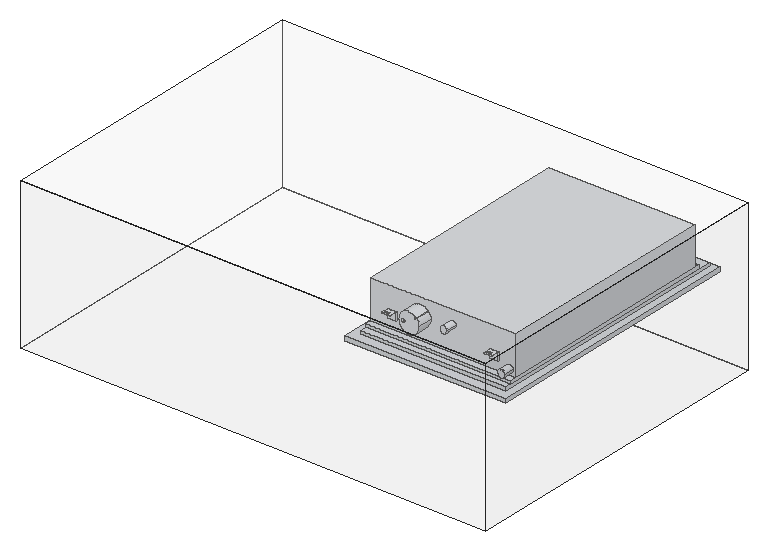
Revit family "pmfy-p36_80fmg7_50Hz", category 機械設備, Revit 2019
Family settings
  丸型コネクタ寸法 = 直径を使用
  パーツ タイプ = 標準
  OmniClass 番号 = 23.75.10.24.21.27.27
  OmniClass タイトル = Split System Air Conditioning Units
  作業面ベース = いいえ
  常に垂直 = はい
  ロード時にボイドで切り取り = いいえ
  共有 = いいえ
  部屋計算ポイント = はい
Parameters (values of type "天井1方向_PMFY-P45FMG7")
  風量（静）（m3／min） = 11
  風量（強）（m3／min） = 15
  風量（弱）（m3／min） = 12
  風量（中）（m3／min） = 14
  風量 = MAX風量  # 900.0 m³/h
  音響パワーレベル（弱）(dB) = 47
  音響パワーレベル（中2）(dB) = 50
  音響パワーレベル（中1）(dB) = 52
  音響パワーレベル(dB) = 54
  電源種別 = ""
  電源_H = 60 mm
  電圧_電気ヒーター = 0 V
  電圧 = 200 V
  電動機出力_送風機 = 0.09 kW
  運転質量 = 0.00 kg
  連動 = ""
  質量 = if(製品質量 > 運転質量, 製品質量, 運転質量) * 1.2  # 39.00 kg
  負荷分類 = 3_ファン類
  構成品番 = "PMFY-P45FMG"
  ドレン管径 (外径) = 32 mm
  ドレン管径 = 25 mm
  サービススペース = yes
  URL = "https://www.mitsubishielectric.co.jp/ldg/wink/ssl/displayProduct.do?pid=305435"
  説明 = "店舗・事務所用パッケージエアコン(Mr.SLIM) [本体]1方向天井カセット形"
  設計暖房能力 = 0.00 kW
  設計冷房能力_顕熱 = 0 kW
  設計冷房能力 = 0 kW
  設置方法 = "カセット形"
  記号 = ""
  製造元 = "三菱電機株式会社"
  製品質量 = 32.50 kg
  製品出荷対象 = "国内"
  製品リリース年月 = "2021/5/10"
  製品グループ = ""
  系統 = ""
  符号 = "PAC-CK1"
  積算_科目 = "1 空気調和設備"
  積算_拾い区分 [instance] = ""
  相 = 1
  盤記号 = ""
  発停方法 = "付属スイッチ"
  特殊仕様 = ""
  火災停止 = ""
  消費電力_電気ヒーター = 0.00 kW
  消費電力_暖房 = 0.06 kW
  消費電力_加湿器 = 0.00 kW
  消費電力_冷房 = 0.07 kW
  消費電力 = if(消費電力_冷房 > 消費電力_暖房, 消費電力_冷房, 消費電力_暖房) + 消費電力_加湿器 + 消費電力_電気ヒーター  # 0.07 kW
  法定耐用年数 = "6"
  極数 = 1
  材質 = ""
  本体マテリアル = none
  有効加湿量 = 0
  暖房能力 = 5.00 kW
  推奨ブレーカー容量 = 0 A
  形式_加湿器 = ""
  形式 = "1方向天井カセット形"
  幹線記号 = ""
  始動方式 = "直入"
  呼称 = "パッケージ形空気調和機_室内機"
  周波数 = 50 Hz
  吊り位置Y = 1173 mm
  吊り位置X = 510 mm
  吊りボルト_H = 117 mm
  台数_手元リモコン = ""
  台数_冷媒分岐ユニット = ""
  参照している仕様書等のバージョン = "公共建築工事標準仕様書（機械設備工事編）平成31年度版"
  加湿給水管径 = 0 mm
  分類コード = "50053003123030"
  分類グループ = ""
  冷房能力 = 4.5 kW
  冷媒高低圧ガス管径 = 0 mm
  冷媒管径符号 = "Ac"
  冷媒管径 = 100 mm
  冷媒液管高さ = 171 mm
  冷媒液管長さ = 72 mm
  冷媒液管径 = 6.4 mm
  冷媒ガス管高さ = 141 mm
  冷媒ガス管長さ = 72 mm
  冷媒ガス管径 = 12.7 mm
  企業コード = "108420"
  付属品_フィルター = ""
  付属品 = ""
  仕様書バージョン = "Version1.0"
  Model = ""
  パネルマテリアル = none
  ドレン管高さ = 159 mm
  コメント [instance] = ""
  ケーブル種類 = ""
  ケーブルサイズ = 0 mm
  Width = 724 mm
  Version = ""
  Uniclass2015Version = "Systems v1.9"
  Uniclass2015Title = "Split coil remote air cooled condensing units"
  Uniclass2015Code = "Pr_70_65_03_84"
  SpecificationReference = ""
  SpecificationDescription = ""
  S_H = 230 mm
  Revision = ""
  ProductInformation = ""
  Panel Width = 800 mm
  Panel Height = 20 mm
  Panel Depth = 1340 mm
  OmniClassCode = "23-33 17 13 11"
  MIN風量 = 風量（静）（m3／min） * 60.0 m³/h  # 660.0 m³/h
  MID風量2 = 風量（弱）（m3／min） * 60.0 m³/h  # 720.0 m³/h
  MID風量 = 風量（中）（m3／min） * 60.0 m³/h  # 840.0 m³/h
  MAX風量 = 風量（強）（m3／min） * 60.0 m³/h  # 900.0 m³/h
  IfcTypeProduct = ""
  IfcProduct = ""
  IfcExportType = "AIRCONDITIONINGUNIT"
  IfcExportAs = "IfcUnitaryEquipmentType"
  Height = 225 mm
  Depth = 1112 mm
  価格 = 0
  Clearance Top = 230 mm
  Clearance Right = 20 mm
  Clearance Left = 1500 mm
  Clearance Front = 150 mm
  Clearance Bottom = 500 mm
  Clearance Back = 150 mm
  Author = "三菱電機株式会社"
Types (5, lengths in mm): name | 風量（静）（m3／min） | 風量（強）（m3／min） | 風量（弱）（m3／min） | 風量（中）（m3／min） | 風量 | 音響パワーレベル（弱）(dB) | 音響パワーレベル（中2）(dB) | 音響パワーレベル（中1）(dB) | 音響パワーレベル(dB) | 電源_H | 電動機出力_送風機 | 質量 | 構成品番 | URL | 製品質量 | 消費電力_暖房 | 消費電力_冷房 | 消費電力 | 暖房能力 | 冷房能力 | 冷媒管径符号 | 冷媒液管径 | 冷媒ガス管径 | MIN風量 | MID風量2 | MID風量 | MAX風量
  天井1方向_PMFY-P36FMG7 | 11 | 14 | 12 | 13 | 840.0 m³/h | 47 | 49 | 51 | 53 | 60 | 0.09 kW | 39.00 kg | "PMFY-RP36FMG" | "https://www.mitsubishielectric.co.jp/ldg/wink/ssl/displayProduct.do?pid=305434" | 32.50 kg | 0.06 kW | 0.07 kW | 0.07 kW | 4.00 kW | 3.6 kW | "Ac" | 6.4 | 12.7 | 660.0 m³/h | 720.0 m³/h | 780.0 m³/h | 840.0 m³/h
  天井1方向_PMFY-P45FMG7 | 11 | 15 | 12 | 14 | 900.0 m³/h | 47 | 50 | 52 | 54 | 60 | 0.09 kW | 39.00 kg | "PMFY-P45FMG" | "https://www.mitsubishielectric.co.jp/ldg/wink/ssl/displayProduct.do?pid=305435" | 32.50 kg | 0.06 kW | 0.07 kW | 0.07 kW | 5.00 kW | 4.5 kW | "Ac" | 6.4 | 12.7 | 660.0 m³/h | 720.0 m³/h | 840.0 m³/h | 900.0 m³/h
  天井1方向_PMFY-P56FMG7 | 11 | 16 | 12 | 14 | 960.0 m³/h | 48 | 50 | 52 | 55 | 60 | 0.09 kW | 39.00 kg | "PMFY-P56FMG" | "https://www.mitsubishielectric.co.jp/ldg/wink/ssl/displayProduct.do?pid=305436" | 32.50 kg | 0.07 kW | 0.08 kW | 0.08 kW | 6.30 kW | 5.6 kW | "Ac" | 6.4 | 12.7 | 660.0 m³/h | 720.0 m³/h | 840.0 m³/h | 960.0 m³/h
  天井1方向_PMFY-P71FMG7 | 14 | 19 | 16 | 17 | 1140.0 m³/h | 51 | 53 | 54 | 56 | 60 | 0.095 kW | 40.20 kg | "PMFY-P71FMG" | "https://www.mitsubishielectric.co.jp/ldg/wink/ssl/displayProduct.do?pid=305437" | 33.50 kg | 0.09 kW | 0.10 kW | 0.10 kW | 8.00 kW | 7.1 kW | "Bd" | 9.5 | 15.9 | 840.0 m³/h | 960.0 m³/h | 1020.0 m³/h | 1140.0 m³/h
  天井1方向_PMFY-P80FMG7 | 14 | 20 | 16 | 18 | 1200.0 m³/h | 51 | 53 | 55 | 58 | 0 | 0.095 kW | 40.20 kg | "PMFY-P80FMG" | "https://www.mitsubishielectric.co.jp/ldg/wink/ssl/displayProduct.do?pid=305438" | 33.50 kg | 0.09 kW | 0.10 kW | 0.10 kW | 9.00 kW | 8 kW | "Bd" | 9.5 | 15.9 | 840.0 m³/h | 960.0 m³/h | 1080.0 m³/h | 1200.0 m³/h
Reference planes
  plane 1 "中心(正面/背面)": y = 0
  plane 2: z = 0
  plane 3 "中心(左/右)": x = 0
  plane 4: x = -400
  plane 5: x = 400
  plane 6: y = 670
  plane 7: y = -670
  plane 8: z = 225
  plane 9: z = 230
  plane 10: x = -255
  plane 11: x = 255
  plane 12: y = 586.5
  plane 13: y = -586.5
  plane 14: y = 556
  plane 15: y = -556
  plane 16: x = -362
  plane 17: x = 362
  plane 18: x = -1900
  plane 19: x = 420
  plane 20: y = 820
  plane 21: y = -820
  plane 22: z = 230
  plane 23: z = -20
  plane 24: z = -520
Dimensions and locks
  equal spacing: plane 4, plane 3 "中心(左/右)", plane 5
  plane 4 to plane 5 = 800 mm
  equal spacing: plane 7, plane 1 "中心(正面/背面)", plane 6
  plane 4 to plane 10 = 145 mm
  plane 11 to plane 5 = 145 mm
  "S_H": plane 9 to level
  "吊り位置X": plane 10 to plane 11
  equal spacing: plane 10, plane 3 "中心(左/右)", plane 11
  equal spacing: plane 13, plane 1 "中心(正面/背面)", plane 12
  "吊り位置Y": plane 13 to plane 12
  equal spacing: plane 15, plane 1 "中心(正面/背面)", plane 14
  "Depth": plane 15 to plane 14
  equal spacing: plane 16, plane 3 "中心(左/右)", plane 17
  "Width": plane 16 to plane 17
  "Clearance Left": plane 18 to plane 4
  "Clearance Right": plane 5 to plane 19
  "Clearance Back": plane 6 to plane 20
  "Clearance Front": plane 21 to plane 7
  locked: level to plane 23 at 20
  "Clearance Bottom": plane 23 to plane 24
  "Clearance Top": plane 22 to level
  plane 12 to plane 6 = 83.5 mm
  plane 7 to plane 13 = 83.5 mm
  plane 7 to plane 6 = 1340 mm
  "Height": plane 8 to level
  nested 3 to plane 2 = 117 mm
  aligned and locked: level to plane 2
  aligned and locked: plane 10 to nested 2
  aligned and locked: plane 11 to nested 2
  aligned and locked: nested 2 to plane 12
  aligned and locked: plane 13 to nested 2
  aligned and locked: plane 18 to nested 1
  aligned and locked: plane 19 to nested 1
  aligned and locked: nested 1 to plane 21
  aligned and locked: nested 1 to plane 20
  aligned and locked: plane 22 to nested 1
  aligned and locked: plane 24 to nested 1
  aligned and locked: plane 1 "中心(正面/背面)" to nested 3
  aligned and locked: nested 3 to plane 3 "中心(左/右)"
Nested families
  nested 1: "サービススペース" at (-740, 0, -145), visible <- "サービススペース", type "サービススペース"
    with Width 2320 mm, Height 750 mm, Depth 1640 mm
  nested 2: "固定点" at (-255, -586.5, 0), type "固定点"
    with W 510 mm, D 1173 mm
  nested 3: "PM-RP○○FA17" at (0, 0, 0) x (0, -1, 0) z (0, 0, 1), type "PM-RP○○FA17"
    with ユニット表示 yes, 冷媒液管径-Z 171 mm, 冷媒ガス管径-Z 141 mm, ドレン配管サイズ 32 mm
Connectors
  piping at (47, -613, 159), diameter 25, driven by "ドレン管径"
    settings: on nested 3, index 1, connector inside diameter 609.6 mm, connector length 0 mm, flow factor 0, pipe flow 0.0 L/s, pressure drop 0.0 Pa, fitting loss kfactor 0, connector angle 0.00°, fixture units 0, engagement length 0 mm, angle of deflection 0.00°, flow configuration 1, flow direction 2, fitting loss method 4, system type 16, joint type 0, gender type 0, connector reference index -1, connector utility 0, adjustable connector no, is connector primary yes, connector description ""
  piping at (-113, -628, 141), diameter 100, driven by "冷媒管径", driven by "冷媒管径符号"
    settings: on nested 3, index 2, connector inside diameter 609.6 mm, connector length 0 mm, flow factor 0, pipe flow 0.0 L/s, pressure drop 0.0 Pa, fitting loss kfactor 0, connector angle 0.00°, fixture units 0, engagement length 0 mm, angle of deflection 0.00°, flow configuration 1, flow direction 1, fitting loss method 4, system type 7, joint type 0, gender type 0, connector reference index -1, connector utility 0, adjustable connector no, is connector primary no, connector description "Ac"
  electrical at (330, -606, 60), driven by "極数", driven by "負荷分類", driven by "電圧", driven by "消費電力"
    settings: on nested 3, index 3, voltage 200 V, apparent load 70 VA, apparent load phase1 0 VA, apparent load phase2 0 VA, apparent load phase3 0 VA, power factor 1, load classification "3_ファン類", number of poles 1, system type 30, power factor state 1, is connector primary yes, connector utility no, sub classification motor no, connector description ""
Definition of nested family "サービススペース"
  Parameters (values of type "サービススペース")
    Width [instance] = 500 mm
    Height [instance] = 500 mm
    Depth [instance] = 500 mm
  Reference planes
    plane 1 "中心(正面/背面)": y = 0
    plane 2: z = 0
    plane 3 "中心(左/右)": x = 0
    plane 4: y = -250
    plane 5: x = 250
    plane 6: y = 250
    plane 7: x = -250
    plane 8: z = 250
    plane 9: z = -250
  Forms (mm)
    Extrusion 1, solid
      sketch origin (-638.939, 0, 72.39) x (1, 0, 0) y (0, 1, 0)
        loop
          line (388.939, 250) -> (388.939, -250) -> (888.939, -250) -> (888.939, 250) -> (388.939, 250)
      from -322.39 to 177.61
  Lines and regions (mm)
    symbolic lines
      curve 1: line (-250, 0, 250) -> (250, 0, 250)
      curve 2: line (-250, 0, -250) -> (-250, 0, 250)
      curve 3: line (250, 0, -250) -> (-250, 0, -250)
      curve 4: line (250, 0, 250) -> (250, 0, -250)
      curve 5: line (0, -250, 250) -> (0, 250, 250)
      curve 6: line (0, -250, -250) -> (0, -250, 250)
      curve 7: line (0, 250, -250) -> (0, -250, -250)
      curve 8: line (0, 250, 250) -> (0, 250, -250)
      curve 9: line (-250, 250, 0) -> (250, 250, 0)
      curve 10: line (-250, -250, 0) -> (-250, 250, 0)
      curve 11: line (250, -250, 0) -> (-250, -250, 0)
      curve 12: line (250, 250, 0) -> (250, -250, 0)
  Dimensions and locks
    equal spacing: plane 7, plane 3 "中心(左/右)", plane 5
    equal spacing: plane 4, plane 1 "中心(正面/背面)", plane 6
    "Depth": plane 4 to plane 6
    "Width": plane 7 to plane 5
    equal spacing: plane 8, plane 2, plane 9
    "Height": plane 8 to plane 9
    aligned and locked: plane 9 to curve 3
    aligned and locked: plane 7 to curve 2
    aligned and locked: curve 4 to plane 5
    aligned and locked: plane 5 to Extrusion 1
    aligned and locked: Extrusion 1 to plane 7
    aligned and locked: Extrusion 1 to plane 9
    aligned and locked: plane 8 to Extrusion 1
    aligned and locked: plane 9 to curve 7
  Automatic sketch dimensions
    plane 4 to Extrusion 1 sketch curve = 0 mm
    Extrusion 1 sketch curve to plane 7 = 0 mm
    Extrusion 1 sketch curve to plane 5 = 0 mm
    plane 6 to Extrusion 1 sketch curve = 0 mm
    curve 2 to plane 8 = 0 mm
    plane 4 to curve 11 = 0 mm
    curve 11 to plane 7 = 0 mm
    curve 11 to plane 5 = 0 mm
    plane 6 to curve 10 = 0 mm
    curve 7 to plane 4 = 0 mm
    curve 7 to plane 6 = 0 mm
    curve 6 to plane 8 = 0 mm
Definition of nested family "PM-RP○○FA17"
  Parameters (values of type "PM-RP○○FA17")
    配線取出口サイズ = 36 mm
    配線取出口-Z = 60 mm
    配線取出口-Y = 32 mm
    配線取出口-X = 50 mm
    液配管サイズ = 6.4 mm
    冷媒ガス管径-Z2 = 141 mm
    冷媒ガス管径-Z1 = 171 mm
    A = 幅さ + 228 mm  # 1340 mm
    高さ = 225 mm
    奥行き = 724 mm
    吊りボルト_H = 117 mm
    冷媒配管 = 100 mm
    冷媒液管径-Z = 156 mm
    冷媒液管径-Y = 445 mm
    冷媒液管径-X = 72 mm
    冷媒ガス管径-Z = 156 mm
    冷媒ガス管径-Y = 505 mm
    冷媒ガス管径-X = 72 mm
    ユニット表示 [instance] = yes
    ボルトピッチ = 510 mm
    ドレン配管サイズ = 25 mm
    ドレン管径-Z = 159 mm
    ドレン管径-Y = 315 mm
    ドレン管径-X = 57 mm
    ガス配管サイズ = 12.7 mm
    D = 幅さ + 61 mm  # 1173 mm
    幅さ = 1112 mm
    B = 幅さ + 188 mm  # 1300 mm
  Reference planes
    plane 1 "中心(正面/背面)": y = 0
    plane 2: z = 0
    plane 3 "中心(左/右)": x = 0
    plane 4: x = -670
    plane 5: x = 670
    plane 6: y = 400
    plane 7: y = -400
    plane 8: z = 225
    plane 9: z = -20
    plane 10: x = -556
    plane 11: x = 556
    plane 12: y = 362
    plane 13: y = -362
    plane 14: z = 16
    plane 15: x = -650
    plane 16: x = 650
    plane 17: x = 586.5
    plane 18: x = -586.5
    plane 19: z = 32
    plane 20: x = 620
    plane 21: y = 255
    plane 22: y = -255
    plane 23: x = 628
    plane 24: y = -143
    plane 25: z = 156
    plane 26: x = 628
    plane 27: y = -83
    plane 28: x = 613
    plane 29: y = 47
    plane 30: z = 159
    plane 31: x = 606
    plane 32: y = 330
    plane 33: z = 60
    plane 34: z = 117
    plane 35: z = 115
    plane 36: z = 75
    plane 37: y = 275
    plane 38: y = 235
    plane 39: y = -235
    plane 40: y = -275
    plane 41: y = 260
    plane 42: y = 250
    plane 43: y = -250
    plane 44: y = -260
    plane 45: x = -596
    plane 46: x = 596
    plane 47: x = -558
    plane 48: x = 558
    plane 49: z = 141
    plane 50: z = 171
  Forms (mm)
    Extrusion 1, solid, visible <- "ユニット表示", detail levels fine
      sketch origin (0, 0, 0) x (1, 0, 0) y (0, 1, 0)
        loop
          line (-556, 362) -> (-556, -362) -> (556, -362) -> (556, 362) -> (-556, 362)
      from 32 to 225
    Extrusion 2, solid, visible <- "ユニット表示", detail levels fine
      sketch origin (-1437.329, -1524, 16) x (-1, 0, 0) y (0, -1, 0)
        loop
          line (-850.829, -1886) -> (-850.829, -1162) -> (-2023.829, -1162) -> (-2023.829, -1886) -> (-850.829, -1886)
      from 0 to 16
    Extrusion 3, solid, visible <- "ユニット表示", detail levels fine
      sketch origin (-1437.329, -1524, 16) x (-1, 0, 0) y (0, -1, 0)
        loop
          line (-787.329, -1886) -> (-787.329, -1162) -> (-2057.329, -1162) -> (-2057.329, -1886) -> (-787.329, -1886)
      from 0 to -16
    Extrusion 4, solid, visible <- "ユニット表示", detail levels fine
      sketch origin (556, 1296.25, 1200) x (0, 1, 0) y (0, 0, 1)
        loop
          circle (-1439.25, -1059) r 6.35
      from 0 to 72
    Extrusion 5, solid, visible <- "ユニット表示", detail levels fine
      sketch origin (556, 1296.25, 1200) x (0, 1, 0) y (0, 0, 1)
        loop
          circle (-1379.25, -1029) r 3.2
      from 0 to 72
    Extrusion 6, solid, visible <- "ユニット表示", detail levels fine
      sketch origin (556, 1296.25, 1200) x (0, 1, 0) y (0, 0, 1)
        loop
          circle (-1249.25, -1041) r 12.5
      from 0 to 57
    Extrusion 7, solid, visible <- "ユニット表示", detail levels fine
      sketch origin (556, 1296.25, 1200) x (0, 1, 0) y (0, 0, 1)
        loop
          circle (-966.25, -1140) r 18
      from 0 to 50
    Extrusion 8, solid, visible <- "ユニット表示", detail levels fine
      sketch origin (556, 1306.25, 1200) x (0, 1, 0) y (0, 0, 1)
        loop
          circle (-1419.25, -1044) r 50
      from 0 to 72
    Extrusion 9, solid, visible <- "ユニット表示"
      sketch origin (0, 0, 0) x (1, 0, 0) y (0, 1, 0)
        loop
          line (-670, 400) -> (-670, -400) -> (670, -400) -> (670, 400) -> (-670, 400)
      from 0 to -20
    Extrusion 10, solid, visible <- "ユニット表示", detail levels fine
      sketch origin (0, 0, 0) x (1, 0, 0) y (0, 1, 0)
        loop
          line (-581.5, 260) -> (-581.5, 250)
          arc (-581.5, 250) -> (-586.5, 245) -> (-591.5, 250) r 5
          line (-591.5, 250) -> (-596, 250) -> (-596, 235) -> (-556, 235) -> (-556, 275) -> (-596, 275) -> (-596, 260) -> (-591.5, 260)
          arc (-591.5, 260) -> (-586.5, 265) -> (-581.5, 260) r 5
        loop
          arc (581.5, 260) -> (586.5, 265) -> (591.5, 260) r 5
          line (591.5, 260) -> (596, 260) -> (596, 275) -> (556, 275) -> (556, 235) -> (596, 235) -> (596, 250) -> (591.5, 250)
          arc (591.5, 250) -> (586.5, 245) -> (581.5, 250) r 5
          line (581.5, 250) -> (581.5, 260)
        loop
          line (581.5, -260) -> (581.5, -250)
          arc (581.5, -250) -> (586.5, -245) -> (591.5, -250) r 5
          line (591.5, -250) -> (596, -250) -> (596, -235) -> (556, -235) -> (556, -275) -> (596, -275) -> (596, -260) -> (591.5, -260)
          arc (591.5, -260) -> (586.5, -265) -> (581.5, -260) r 5
        loop
          arc (-581.5, -260) -> (-586.5, -265) -> (-591.5, -260) r 5
          line (-591.5, -260) -> (-596, -260) -> (-596, -275) -> (-556, -275) -> (-556, -235) -> (-596, -235) -> (-596, -250) -> (-591.5, -250)
          arc (-591.5, -250) -> (-586.5, -245) -> (-581.5, -250) r 5
          line (-581.5, -250) -> (-581.5, -260)
      from 115 to 117
    Extrusion 11, solid, visible <- "ユニット表示", detail levels fine
      sketch origin (0, 0, 0) x (1, 0, 0) y (0, 1, 0)
        loop
          line (-558, 275) -> (-558, 235) -> (-556, 235) -> (-556, 275) -> (-558, 275)
        loop
          line (556, 275) -> (556, 235) -> (558, 235) -> (558, 275) -> (556, 275)
        loop
          line (556, -235) -> (556, -275) -> (558, -275) -> (558, -235) -> (556, -235)
        loop
          line (-558, -235) -> (-558, -275) -> (-556, -275) -> (-556, -235) -> (-558, -235)
      from 75 to 115
  Dimensions and locks
    equal spacing: plane 7, plane 1 "中心(正面/背面)", plane 6
    plane 7 to plane 6 = 800 mm
    equal spacing: plane 4, plane 3 "中心(左/右)", plane 5
    "A": plane 4 to plane 5
    locked: level to plane 9 at 20
    equal spacing: plane 13, plane 1 "中心(正面/背面)", plane 12
    "奥行き": plane 13 to plane 12
    equal spacing: plane 10, plane 3 "中心(左/右)", plane 11
    "幅さ": plane 10 to plane 11
    locked: plane 14 to level at 16
    equal spacing: plane 15, plane 3 "中心(左/右)", plane 16
    "B": plane 15 to plane 16
    equal spacing: plane 18, plane 3 "中心(左/右)", plane 17
    "D": plane 18 to plane 17
    equal spacing: plane 22, plane 1 "中心(正面/背面)", plane 21
    "ボルトピッチ": plane 22 to plane 21
    "冷媒ガス管径-X": plane 11 to plane 23
    "冷媒ガス管径-Y": plane 24 to plane 12
    "冷媒液管径-X": plane 11 to plane 26
    "冷媒液管径-Y": plane 27 to plane 12
    "ドレン管径-X": plane 11 to plane 28
    "ドレン管径-Y": plane 29 to plane 12
    "配線取出口-X": plane 11 to plane 31
    "配線取出口-Y": plane 32 to plane 12
    "配線取出口-Z": plane 33 to level
    "ドレン管径-Z": plane 30 to level
    "冷媒ガス管径-Z": plane 25 to level
    locked: plane 35 to plane 36 at 40
    locked: plane 34 to plane 35 at 2
    "吊りボルト_H": plane 34 to level
    plane 40 to plane 22 to plane 39 = 20 mm locked, 20 mm locked
    plane 38 to plane 21 to plane 37 = 20 mm locked, 20 mm locked
    plane 44 to plane 22 to plane 43 = 5 mm locked, 5 mm locked
    plane 42 to plane 21 to plane 41 = 5 mm locked, 5 mm locked
    locked: plane 45 to plane 10 at 40
    locked: plane 11 to plane 46 at 40
    locked: plane 11 to plane 48 at 2
    locked: plane 47 to plane 10 at 2
    plane 16 to plane 15 = 1300 mm
    plane 4 to plane 15 = 20 mm
    plane 15 to plane 10 = 94 mm
    plane 11 to plane 16 = 94 mm
    plane 12 to plane 6 = 38 mm
    locked: plane 19 to plane 14 at 16
    "高さ": plane 8 to level
    equal spacing: plane 24, Extrusion 8 sketch curve, plane 27
    plane 7 to plane 13 = 38 mm
    plane 16 to plane 5 = 20 mm
    "冷媒ガス管径-Z2": plane 49 to level
    "冷媒ガス管径-Z1": plane 50 to level
    "ガス配管サイズ": diameter of Extrusion 4 sketch curve
    "液配管サイズ": diameter of Extrusion 5 sketch curve
    "配線取出口サイズ": diameter of Extrusion 7 sketch curve
    "冷媒配管": diameter of Extrusion 8 sketch curve
    "ドレン配管サイズ": diameter of Extrusion 6 sketch curve
    aligned and locked: level to plane 2
    aligned and locked: plane 12 to Extrusion 1 sketch curve
    aligned and locked: plane 10 to Extrusion 1 sketch curve
    aligned and locked: Extrusion 1 sketch curve to plane 13
    aligned and locked: Extrusion 1 sketch curve to plane 11
    aligned and locked: plane 8 to Extrusion 1
    aligned and locked: plane 12 to Extrusion 2 sketch curve
    aligned and locked: plane 18 to Extrusion 2 sketch curve
    aligned and locked: Extrusion 2 sketch curve to plane 13
    aligned and locked: Extrusion 2 sketch curve to plane 17
    aligned and locked: plane 19 to Extrusion 2
    aligned and locked: Extrusion 1 to Extrusion 2
    aligned and locked: plane 12 to Extrusion 3 sketch curve
    aligned and locked: Extrusion 3 sketch curve to plane 13
    aligned and locked: Extrusion 3 sketch curve to plane 20
    aligned and locked: Extrusion 3 to level
    aligned and locked: plane 14 to Extrusion 3
    aligned and locked: plane 24 to Extrusion 4 sketch curve
    aligned and locked: Extrusion 4 to plane 11
    aligned and locked: plane 23 to Extrusion 4
    aligned and locked: plane 27 to Extrusion 5 sketch curve
    aligned and locked: plane 26 to Extrusion 5
    aligned and locked: Extrusion 5 to plane 11
    aligned and locked: plane 30 to Extrusion 6 sketch curve
    aligned and locked: plane 29 to Extrusion 6 sketch curve
    aligned and locked: Extrusion 6 to plane 11
    aligned and locked: plane 28 to Extrusion 6
    aligned and locked: plane 33 to Extrusion 7 sketch curve
    aligned and locked: plane 32 to Extrusion 7 sketch curve
    aligned and locked: Extrusion 7 to plane 11
    aligned and locked: plane 31 to Extrusion 7
    aligned and locked: plane 25 to Extrusion 8 sketch curve
    aligned and locked: Extrusion 8 to plane 11
    aligned and locked: plane 26 to Extrusion 8
    aligned and locked: level to Extrusion 9
    aligned and locked: Extrusion 9 to plane 9
    aligned and locked: Extrusion 10 sketch curve to plane 10
    aligned and locked: plane 34 to Extrusion 10
    aligned and locked: Extrusion 10 to plane 35
    aligned and locked: plane 37 to Extrusion 10 sketch curve
    aligned and locked: plane 45 to Extrusion 10 sketch curve  (x2)
    aligned and locked: Extrusion 10 sketch curve to plane 38
    aligned and locked: Extrusion 10 sketch curve to plane 42
    aligned and locked: Extrusion 10 sketch curve to plane 41
    aligned and locked: plane 41 to Extrusion 10 sketch curve  (x3)
    aligned and locked: plane 42 to Extrusion 10 sketch curve  (x3)
    aligned and locked: plane 18 to Extrusion 10 sketch curve  (x4)
    aligned and locked: plane 10 to Extrusion 10 sketch curve
    aligned and locked: Extrusion 10 sketch curve to plane 39
    aligned and locked: plane 40 to Extrusion 10 sketch curve
    aligned and locked: plane 44 to Extrusion 10 sketch curve  (x3)
    aligned and locked: plane 43 to Extrusion 10 sketch curve  (x3)
    aligned and locked: Extrusion 10 sketch curve to plane 43
    aligned and locked: Extrusion 10 sketch curve to plane 44
    aligned and locked: Extrusion 10 sketch curve to plane 45  (x2)
    aligned and locked: plane 11 to Extrusion 10 sketch curve
    aligned and locked: Extrusion 10 sketch curve to plane 46  (x2)
    aligned and locked: plane 17 to Extrusion 10 sketch curve  (x4)
    aligned and locked: Extrusion 10 sketch curve to plane 40
    aligned and locked: plane 39 to Extrusion 10 sketch curve
    aligned and locked: plane 46 to Extrusion 10 sketch curve  (x2)
    aligned and locked: plane 38 to Extrusion 10 sketch curve
    aligned and locked: Extrusion 10 sketch curve to plane 11
    aligned and locked: Extrusion 10 sketch curve to plane 37
    aligned and locked: plane 37 to Extrusion 11 sketch curve
    aligned and locked: plane 47 to Extrusion 11 sketch curve  (x2)
    aligned and locked: Extrusion 11 sketch curve to Extrusion 10  (x8)
    aligned and locked: Extrusion 11 sketch curve to plane 38
    aligned and locked: Extrusion 11 sketch curve to plane 48  (x2)
    aligned and locked: Extrusion 11 sketch curve to plane 40
    aligned and locked: plane 39 to Extrusion 11 sketch curve
    aligned and locked: Extrusion 11 to Extrusion 10
    aligned and locked: Extrusion 11 to plane 36
    aligned and locked: plane 49 to Extrusion 4 sketch curve
    aligned and locked: plane 50 to Extrusion 5 sketch curve
  Automatic sketch dimensions
    Extrusion 9 sketch curve to plane 4 = 0 mm
    Extrusion 9 sketch curve to plane 5 = 0 mm
    plane 7 to Extrusion 9 sketch curve = 0 mm
    plane 6 to Extrusion 9 sketch curve = 0 mm
    Extrusion 10 sketch curve to plane 18 = 5 mm  (x2)
    Extrusion 10 sketch curve to plane 17 = 5 mm  (x2)
    Extrusion 3 sketch curve to plane 15 = 0 mm
Definition of nested family "固定点"
  Parameters (values of type "固定点")
    中心円 = 20 mm
    W [instance] = 1000 mm
    D [instance] = 1000 mm
  Reference planes
    plane 1 "中心(正面/背面)": y = 0
    plane 2: z = 0
    plane 3 "中心(左/右)": x = 0
    plane 4: x = 1000
    plane 5: y = 1000
  Lines and regions (mm)
    symbolic lines, detail levels fine
      curve 1: circle (0, 1000, 0) r 10 normal (0, 0, 1)
      curve 2: circle (0, 0, 0) r 10 normal (0, 0, 1)
      curve 3: circle (1000, 1000, 0) r 10 normal (0, 0, 1)
      curve 4: circle (1000, 0, 0) r 10 normal (0, 0, 1)
      curve 5: line (-200, 1000, 0) -> (1200, 1000, 0)
      curve 6: line (-200, 0, 0) -> (1200, 0, 0)
      curve 7: line (0, 1200, 0) -> (0, -200, 0)
      curve 8: line (1000, 1200, 0) -> (1000, -200, 0)
  Dimensions and locks
    "W": plane 3 "中心(左/右)" to plane 4
    "D": plane 1 "中心(正面/背面)" to plane 5
    "中心円": diameter of curve 1
    "中心円": diameter of curve 2
    "中心円": diameter of curve 3
    "中心円": diameter of curve 4
    aligned and locked: level to plane 2
    aligned and locked: plane 5 to curve 1
    aligned and locked: plane 3 "中心(左/右)" to curve 1
    aligned and locked: plane 3 "中心(左/右)" to curve 2
    aligned and locked: plane 1 "中心(正面/背面)" to curve 2
    aligned and locked: plane 4 to curve 3
    aligned and locked: plane 5 to curve 3
    aligned and locked: plane 1 "中心(正面/背面)" to curve 4
    aligned and locked: plane 4 to curve 4
    aligned and locked: plane 1 "中心(正面/背面)" to curve 6
    aligned and locked: curve 7 to plane 3 "中心(左/右)"
    aligned and locked: curve 8 to plane 4
  Automatic sketch dimensions
    curve 5 to plane 5 = 0 mm
    curve 6 to plane 3 "中心(左/右)" = 200 mm
    curve 5 to plane 3 "中心(左/右)" = 200 mm
    curve 4 to curve 6 = 200 mm
    curve 3 to curve 5 = 200 mm
    plane 1 "中心(正面/背面)" to curve 8 = 200 mm
    plane 1 "中心(正面/背面)" to curve 7 = 200 mm
    curve 3 to curve 8 = 200 mm
    curve 1 to curve 7 = 200 mm
